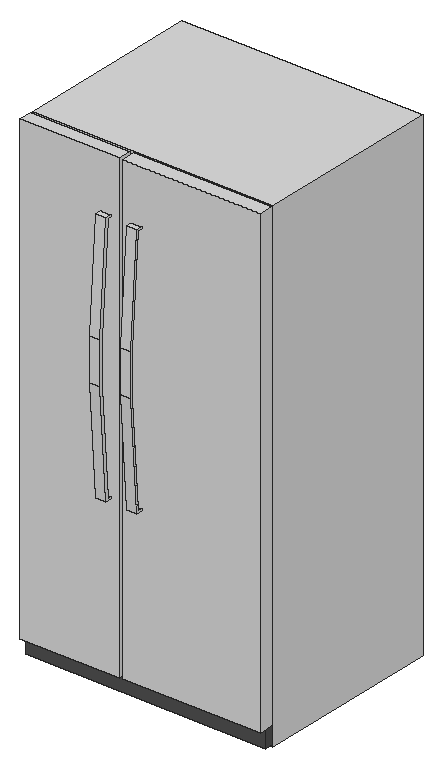
Revit family
Parameters (values of type "36" X 30"")
  Label = "REF."
  Base Material = Plastic - Black
  Assembly Code = "E1090400"
  Depth = 2' - 6"
  Material = Metal - Stainless Steel, Polished
  Handle = 0' - 1 1/2"
  Height = 6' - 0"
  Rear Clearance = 0' - 2"
  Top Door Height = 1' - 8"
  Width = 2' - 11 3/4"
Reference planes (in)
  plane 1 "Center (Front/Back)": y = -0.5778
  plane 2 "Bottom": z = 0
  plane 3 "Left": x = -17.875
  plane 4 "Right": x = 17.875
  plane 5 "Back": y = 14.4222
  plane 6 "Front": y = -15.5778
  plane 7 "Top": z = 72
  plane 8: x = -2.875
  plane 9: x = -2.625
  plane 10: x = -3.125
Forms (in)
  Extrusion 1, solid, material "Metal - Stainless Steel, Polished" <- "Material"
    sketch origin (-17.875, 0, 0) x (0, 1, 0) y (0, 0, 1)
      loop
        line (14.4222, 72) -> (-13.3278, 72) -> (-13.3278, 0) -> (14.4222, 0) -> (14.4222, 72)
    from 0 to 35.75
  Extrusion 2, solid, material "Plastic - Black" <- "Base Material"
    sketch origin (-17.875, 0, 0) x (0, 1, 0) y (0, 0, 1)
      loop
        line (-13.5778, 2.86936) -> (-14.5778, 2.86936) -> (-14.5778, 0.36936) -> (-13.5778, 0.36936) -> (-13.5778, 2.86936)
    from 0 to 35.75
  Extrusion 3, solid, material "Metal - Stainless Steel, Polished" <- "Material"
    sketch origin (11.82562, 1.15559, 0) x (0, 1, 0) y (0, 0, 1)
      loop
        line (-18.48339, 41.94623) -> (-18.48339, 48.27964) -> (-17.40155, 63.75061) -> (-16.73339, 63.75061) -> (-16.73339, 64) -> (-17.63472, 64) -> (-18.73339, 48.28837) -> (-18.73339, 41.9375) -> (-17.63472, 26.22587) -> (-16.73339, 26.22587) -> (-16.73339, 26.47526) -> (-17.40155, 26.47526) -> (-18.48339, 41.94623)
    from -13.1875 to -11.67438
  Extrusion 4, solid, material "Metal - Stainless Steel, Polished" <- "Material"
    sketch origin (0, -15.5778, 0) x (1, 0, 0) y (0, 0, 1)
      loop
        line (-2.625, 72) -> (-2.625, 2.86936) -> (17.875, 2.86936) -> (17.875, 72) -> (-2.625, 72)
    from 0 to -2
  Extrusion 5, solid, material "Metal - Stainless Steel, Polished" <- "Material"
    sketch origin (0, -15.5778, 0) x (1, 0, 0) y (0, 0, 1)
      loop
        line (-17.875, 72) -> (-17.875, 2.86936) -> (-3.125, 2.86936) -> (-3.125, 72) -> (-17.875, 72)
    from 0 to -2
  Extrusion 6, solid, material "Metal - Stainless Steel, Polished" <- "Material"
    sketch origin (-17.57562, 1.15559, 0) x (0, 1, 0) y (0, 0, -1)
      loop
        line (-18.48339, -41.94623) -> (-17.40155, -26.47526) -> (-16.73339, -26.47526) -> (-16.73339, -26.22587) -> (-17.63472, -26.22587) -> (-18.73339, -41.9375) -> (-18.73339, -48.28837) -> (-17.63472, -64) -> (-16.73339, -64) -> (-16.73339, -63.75061) -> (-17.40155, -63.75061) -> (-18.48339, -48.27964) -> (-18.48339, -41.94623)
    from -13.1875 to -11.67438
Lines and regions (in)
  Masking region 1
    outline origin (0, 0, 0) x (1, 0, 0) y (0, 1, 0)
      loop
        line (-17.875, 14.4222) -> (-17.875, -15.5778) -> (17.875, -15.5778) -> (17.875, 14.4222) -> (-17.875, 14.4222)
  symbolic lines, style "InvisibleLines"
    curve 1: line (-17.875, 16.4222, 0) -> (17.875, 16.4222, 0)
Dimensions and locks (in)
  plane 3 "Left" to plane 4 "Right" = 2' - 11 3/4"
  "Width": plane 3 "Left" to plane 4 "Right"
  equal spacing: plane 6 "Front", plane 1 "Center (Front/Back)", plane 5 "Back"
  "Depth": plane 6 "Front" to plane 5 "Back"
  "Height": plane 7 "Top" to plane 2 "Bottom"
  "Rear Clearance": plane 5 "Back" to curve 1
  locked: Extrusion 1 sketch curve to plane 6 "Front" at 2.25
  plane 8 to plane 3 "Left" = 1' - 3"
  plane 9 to plane 8 = 0' - 0 1/4"
  plane 8 to plane 10 = 0' - 0 1/4"
  plane 8 to Extrusion 6 = 0' - 1.51312"
  Extrusion 3 to plane 8 = 0' - 1.51312"
  aligned and locked: plane 7 "Top" to Extrusion 1 sketch curve
  aligned and locked: plane 5 "Back" to Extrusion 1 sketch curve
  aligned and locked: plane 2 "Bottom" to Extrusion 1 sketch curve
  aligned and locked: Extrusion 1 to plane 3 "Left"
  aligned and locked: plane 4 "Right" to Extrusion 1
  aligned and locked: plane 4 "Right" to Extrusion 2
  aligned and locked: plane 1 "Center (Front/Back)" to nested 1
  aligned and locked: plane 5 "Back" to Masking region 1 sketch curve
  aligned and locked: plane 3 "Left" to Masking region 1 sketch curve
  aligned and locked: Masking region 1 sketch curve to plane 4 "Right"
  aligned and locked: Masking region 1 sketch curve to plane 6 "Front"
Automatic sketch dimensions
  Extrusion 2 sketch curve to plane 6 "Front" = 0' - 1"
  level to Extrusion 2 sketch curve = 0' - 0.36936"
  Extrusion 2 sketch curve to Extrusion 2 sketch curve = 0' - 1"
  Extrusion 2 sketch curve to Extrusion 2 sketch curve = 0' - 2 1/2"
  curve 1 to plane 3 "Left" = 0' - 0"
  curve 1 to plane 4 "Right" = 0' - 0"
  Extrusion 3 sketch curve to plane 6 "Front" = 0' - 0"  (x2)
  plane 6 "Front" to Extrusion 3 sketch curve = 0' - 0.66816"  (x2)
  Extrusion 3 sketch curve to Extrusion 3 sketch curve = 0' - 0.23317"  (x2)
  plane 6 "Front" to Extrusion 3 sketch curve = 0' - 1 3/4"
  Extrusion 3 sketch curve to Extrusion 3 sketch curve = 0' - 0 1/4"
  level to Extrusion 3 sketch curve = 2' - 2.22587"
  Extrusion 3 sketch curve to Extrusion 3 sketch curve = 0' - 0.24939"  (x2)
  Extrusion 3 sketch curve to Extrusion 3 sketch curve = 1' - 3.46224"
  Extrusion 3 sketch curve to Extrusion 3 sketch curve = 0' - 0.00873"  (x2)
  Extrusion 3 sketch curve to Extrusion 3 sketch curve = 0' - 6.33341"
  plane 7 "Top" to Extrusion 3 sketch curve = 0' - 8.24939"
  Extrusion 4 sketch curve to plane 9 = 0' - 0"
  Extrusion 4 sketch curve to plane 4 "Right" = 0' - 0"
  Extrusion 4 sketch curve to plane 7 "Top" = 0' - 0"
  level to Extrusion 4 sketch curve = 0' - 2.86936"
  Extrusion 5 sketch curve to plane 3 "Left" = 0' - 0"
  Extrusion 5 sketch curve to plane 10 = 0' - 0"
  Extrusion 5 sketch curve to plane 7 "Top" = 0' - 0"
  level to Extrusion 5 sketch curve = 0' - 2.86936"
  Extrusion 6 sketch curve to plane 6 "Front" = 0' - 0"  (x2)
  Extrusion 6 sketch curve to Extrusion 6 sketch curve = 0' - 0.66816"  (x2)
  Extrusion 6 sketch curve to Extrusion 6 sketch curve = 0' - 0.23317"  (x2)
  plane 6 "Front" to Extrusion 6 sketch curve = 0' - 1 3/4"
  Extrusion 6 sketch curve to Extrusion 6 sketch curve = 0' - 0 1/4"
  plane 7 "Top" to Extrusion 6 sketch curve = 0' - 8"
  Extrusion 6 sketch curve to Extrusion 6 sketch curve = 0' - 0.24939"  (x2)
  Extrusion 6 sketch curve to Extrusion 6 sketch curve = 1' - 3.46224"
  Extrusion 6 sketch curve to Extrusion 6 sketch curve = 0' - 0.00873"  (x2)
  Extrusion 6 sketch curve to Extrusion 6 sketch curve = 0' - 6.33341"
  Extrusion 6 sketch curve to Extrusion 6 sketch curve = 1' - 3.47097"
Nested families (in)
  nested 1: "Label Annotation 3-32" at (0, -0.5778, 0), type "Label Annotation 3-32", detail levels medium+fine
Definition of nested family "Label Annotation 3-32"
  Parameters
    Label = ""
  Reference planes (in)
    plane 1: y = 0
    plane 2: x = 0
  Text (in)
    label "Label" at (0.00375, -0.00345, 0), shows "Label"
